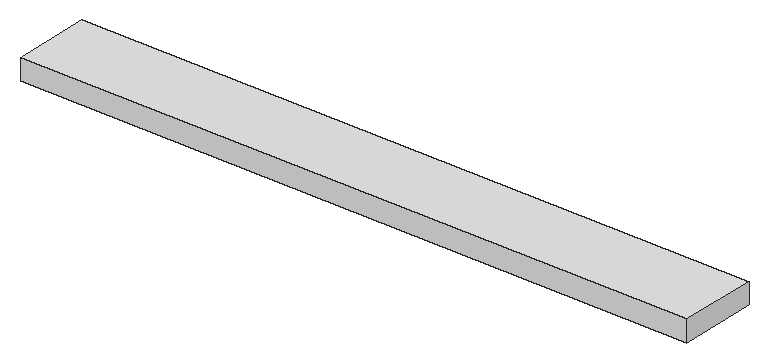
Revit family "11-TRIMBOARD-AND-STEALTH-TRIM-CADS-111-Trimboard-8-4x6-4-REVIT_Versatex-Generic-Model-8-4in-x-6in-TRIMBOARD", category Generic Models, host Face, Revit 2026
Family settings
  Host = Face
  Can host rebar = No
  Round Connector Dimension = Use Diameter
  Part Type = Normal
  Cut with Voids When Loaded = No
  Maintain Annotation Orientation = No
  Shared = No
  Room Calculation Point = No
Parameters
  Model = "TBSM/TR840612/18"
  Length = 4' - 0"
  Warranty = "https://versatex.com/warranty/"
  URL = "https://versatex.com/"
  Specification = "https://www.arcat.com/company/versatex-45716/spec?coid=45716"
  Sales Information = "https://versatex.com/dealer-locator/"
  Message Manufacturer = "https://versatex.com/contact/"
  Material = Versatex PVC - Smooth
  Manufacturer Website = "https://versatex.com/"
  Manufacturer Phone = "724-857-1111"
  Manufacturer Fax = "724-857-1171"
  Manufacturer Address = "400 Steel Street, Aliquippa, PA 15001"
  Manufacturer = "Versatex"
  Literature = "https://versatex.com/literature/?_sft_literature_category=cads"
  Description = "NOMINAL 8/4” x 6” TRIMBOARD"
  Default Elevation = 4' - 0"
  Copyright = "© 2024 VERSATEX Building Products, LLC"
Reference planes (in)
  plane 1 "Center (Front/Back)": y = 0
  plane 2: z = 0
  plane 3 "Center (Left/Right)": x = 0
  plane 4: x = 24
  plane 5: x = -24
Forms (in)
  Sweep 1, solid, material "Versatex PVC - Smooth" <- "Material"
    path origin (0, 0, 0) x (1, 0, 0) y (0, 1, 0)
      loop
        line (-24, 0) -> (24, 0)
    profile "Versatex_Profile_8-4” x 6” TRIMBOARD : Versatex_Profile_8-4” x 6” TRIMBOARD" origin (0, 0, 0) x (0, 1, 0) y (0, 0, 1)
      loop
        line (0, 0) -> (5.5, 0) -> (5.5, 1.5) -> (0, 1.5) -> (0, 0)
Dimensions and locks (in)
  "Length": plane 5 to plane 4
  equal spacing: plane 5, plane 3 "Center (Left/Right)", plane 4, locked at 24 each
  aligned and locked: plane 2 to host face
  aligned and locked: level to host face
Automatic sketch dimensions
  host sketch curve to host sketch curve = 8' - 0"  (x2)
  plane 1 "Center (Front/Back)" to Sweep 1 sketch curve = 0' - 0"
  Sweep 1 sketch curve to plane 5 = 0' - 0"
  Sweep 1 sketch curve to plane 4 = 0' - 0"
